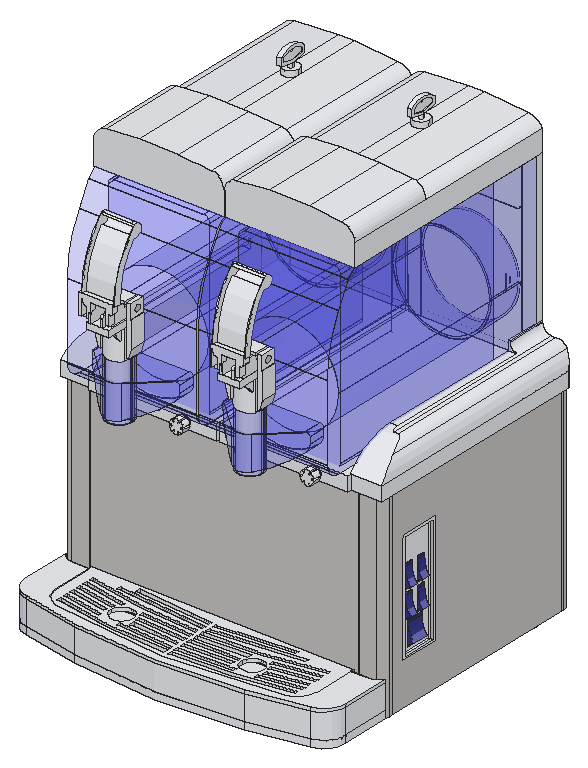
Revit family "QF_ELECTROLUXPROFESSIONAL_560107_SP2NewUVUK", category Specialty Equipment, Revit 2018 (continued)
Lines and regions (mm)
  symbolic lines
    curve 11: arc (-117.634, -221.255, 14) -> (0, -230, 14) -> (117.634, -221.255, 14) r 795.559
    curve 12: line (2.783, -161.117, 14) -> (2.783, -167.117, 14)
    curve 13: line (2.783, -172.117, 14) -> (2.783, -178.117, 14)
    curve 14: line (2.783, -183.117, 14) -> (2.783, -189.117, 14)
    curve 15: line (2.783, -194.117, 14) -> (2.783, -200.117, 14)
    curve 16: line (2.783, -205.117, 14) -> (2.783, -211.117, 14)
    curve 17: arc (2.783, -211.117, 14) -> (35.925, -210.286, 14) -> (69, -208.033, 14) r 772.106
    curve 18: arc (164.485, -187.256, 14) -> (137.825, -192.623, 14) -> (110.991, -197.04, 14) r 766.106
    curve 19: arc (2.783, -200.117, 14) -> (35.926, -199.274, 14) -> (69, -196.988, 14) r 761.106
    curve 20: arc (69, -190.963, 14) -> (35.926, -193.267, 14) -> (2.783, -194.117, 14) r 755.106
    curve 21: arc (2.783, -189.117, 14) -> (35.228, -188.295, 14) -> (67.608, -186.069, 14) r 750.106
    curve 22: arc (62.063, -180.53, 14) -> (32.449, -182.414, 14) -> (2.783, -183.117, 14) r 744.106
    curve 23: arc (2.783, -178.117, 14) -> (30.123, -177.508, 14) -> (57.422, -175.888, 14) r 739.106
    curve 24: arc (51.822, -170.288, 14) -> (27.318, -171.613, 14) -> (2.783, -172.117, 14) r 733.106
    curve 25: arc (2.783, -167.117, 14) -> (24.968, -166.694, 14) -> (47.129, -165.595, 14) r 728.106
    curve 26: arc (41.464, -159.931, 14) -> (22.132, -160.783, 14) -> (2.783, -161.117, 14) r 722.106
    curve 27: arc (2.783, -156.117, 14) -> (19.755, -155.85, 14) -> (36.715, -155.182, 14) r 717.106
    curve 28: line (164.485, -193.398, 14) -> (164.485, -187.256, 14)
    curve 29: line (164.485, -182.136, 14) -> (164.485, -175.99, 14)
    curve 30: line (164.485, -170.866, 14) -> (164.485, -164.715, 14)
    curve 31: line (164.485, -159.587, 14) -> (164.485, -153.432, 14)
    curve 32: arc (164.485, -153.432, 14) -> (152.163, -156.157, 14) -> (139.797, -158.67, 14) r 733.106
    curve 33: arc (164.485, -164.715, 14) -> (145.534, -168.752, 14) -> (126.484, -172.294, 14) r 744.106
    curve 34: arc (164.485, -175.99, 14) -> (138.736, -181.268, 14) -> (112.82, -185.647, 14) r 755.106
    curve 35: arc (132.277, -166.189, 14) -> (148.418, -163.067, 14) -> (164.485, -159.587, 14) r 739.106
    curve 36: arc (118.814, -179.653, 14) -> (141.717, -175.613, 14) -> (164.485, -170.866, 14) r 750.106
    curve 37: arc (111, -191.985, 14) -> (137.83, -187.538, 14) -> (164.485, -182.136, 14) r 761.106
    curve 38: arc (69, -202.009, 14) -> (35.925, -204.28, 14) -> (2.783, -205.117, 14) r 766.106
    curve 39: arc (111.004, -203.101, 14) -> (137.83, -198.721, 14) -> (164.485, -193.398, 14) r 772.106
    curve 40: line (97.267, -160.486, 14) -> (97.267, -153, 14)
    curve 41: line (82.733, -160.486, 14) -> (82.733, -153, 14)
    curve 42: arc (105.17, -170.997, 14) -> (90.017, -158.677, 14) -> (74.837, -170.964, 14) r 15.5
    curve 43: line (-7, -121.793, 14) -> (9.534, -121.793, 14)
    curve 44: line (-7, -137.647, 14) -> (9.534, -137.647, 14)
    curve 45: line (2.783, -161.117, 14) -> (2.783, -113, 14)
    curve 46: line (-180.657, -118, 14) -> (-180.657, -174.118, 14)
    curve 47: arc (-180.657, -174.118, 14) -> (-173.912, -193.071, 14) -> (-156.71, -203.501, 14) r 30
    curve 48: line (-2.783, -161.117, 14) -> (-2.783, -167.117, 14)
    curve 49: line (-2.783, -172.117, 14) -> (-2.783, -178.117, 14)
    curve 50: line (-2.783, -183.117, 14) -> (-2.783, -189.117, 14)
    curve 51: line (-2.783, -194.117, 14) -> (-2.783, -200.117, 14)
    curve 52: line (-2.783, -205.117, 14) -> (-2.783, -211.117, 14)
    curve 53: arc (-2.783, -211.117, 14) -> (-35.925, -210.286, 14) -> (-69, -208.033, 14) r 772.106
    curve 54: arc (-164.485, -187.256, 14) -> (-137.825, -192.623, 14) -> (-110.991, -197.04, 14) r 766.106
    curve 55: arc (-2.783, -200.117, 14) -> (-35.926, -199.274, 14) -> (-69, -196.988, 14) r 761.106
    curve 56: arc (-69, -190.963, 14) -> (-35.926, -193.267, 14) -> (-2.783, -194.117, 14) r 755.106
    curve 57: arc (-2.783, -189.117, 14) -> (-35.307, -188.291, 14) -> (-67.764, -186.055, 14) r 750.106
    curve 58: arc (-62.01, -180.534, 14) -> (-32.422, -182.416, 14) -> (-2.783, -183.117, 14) r 744.106
    curve 59: arc (-2.783, -178.117, 14) -> (-30.21, -177.505, 14) -> (-57.595, -175.875, 14) r 739.106
    curve 60: arc (-51.822, -170.288, 14) -> (-27.318, -171.613, 14) -> (-2.783, -172.117, 14) r 733.106
    curve 61: arc (-2.783, -167.117, 14) -> (-24.922, -166.696, 14) -> (-47.037, -165.601, 14) r 728.106
    curve 62: arc (-41.44, -159.932, 14) -> (-22.12, -160.783, 14) -> (-2.783, -161.117, 14) r 722.106
    curve 63: arc (-2.783, -156.117, 14) -> (-19.759, -155.85, 14) -> (-36.723, -155.181, 14) r 717.106
    curve 64: line (-164.485, -193.398, 14) -> (-164.485, -187.256, 14)
    curve 65: line (-164.485, -182.136, 14) -> (-164.485, -175.99, 14)
    curve 66: line (-164.485, -170.866, 14) -> (-164.485, -164.715, 14)
    curve 67: line (-164.485, -159.587, 14) -> (-164.485, -153.432, 14)
    curve 68: arc (-164.485, -153.432, 14) -> (-152.209, -156.147, 14) -> (-139.888, -158.652, 14) r 733.106
    curve 69: arc (-164.485, -164.715, 14) -> (-145.359, -168.786, 14) -> (-126.134, -172.354, 14) r 744.106
    curve 70: arc (-164.485, -175.99, 14) -> (-138.838, -181.249, 14) -> (-113.024, -185.616, 14) r 755.106
    curve 71: arc (-132.258, -166.193, 14) -> (-148.408, -163.069, 14) -> (-164.485, -159.587, 14) r 739.106
    curve 72: arc (-118.936, -179.633, 14) -> (-141.778, -175.602, 14) -> (-164.485, -170.866, 14) r 750.106
    curve 73: arc (-111.098, -191.97, 14) -> (-137.879, -187.529, 14) -> (-164.485, -182.136, 14) r 761.106
    curve 74: arc (-69, -202.009, 14) -> (-35.925, -204.28, 14) -> (-2.783, -205.117, 14) r 766.106
    curve 75: arc (-111.004, -203.101, 14) -> (-137.83, -198.721, 14) -> (-164.485, -193.398, 14) r 772.106
    curve 76: line (-97.267, -160.486, 14) -> (-97.267, -153, 14)
    curve 77: line (-82.733, -160.486, 14) -> (-82.733, -153, 14)
    curve 78: arc (-105.172, -171.007, 14) -> (-90.045, -158.677, 14) -> (-74.846, -170.919, 14) r 15.5
    curve 79: line (-2.783, -161.117, 14) -> (-2.783, -113, 14)
    curve 80: arc (73.294, -216.009, 14) -> (0.004, -219.475, 14) -> (-73.287, -216.01, 14) r 776.665
    curve 81: arc (-111.031, -211.498, 14) -> (-133.93, -207.84, 14) -> (-156.71, -203.501, 14) r 776.665
Dimensions and locks
  plane 4 "FEET" to level = 14 mm
  plane 6 "LEFT" to plane 3 "Center (Left/Right)" to plane 7 "RIGHT" = 223.5 mm, 223.5 mm
  locked: plane 6 "LEFT" to plane 7 "RIGHT" at 447
  plane 7 "RIGHT" to plane 6 "LEFT" = 447 mm
  plane 5 "BACK" to plane 12 "FRONT" = 442 mm
  aligned and locked: level to plane 2 "BASE"
Nested families
  nested 1: "SP2_Vasca_L" at (-89.477, 0, 0), type "SP2_Vasca_L"
  nested 2: "SP2_Vasca_R" at (90.523, 0, 0), type "SP2_Vasca_R"
Connectors
  electrical at (-176.5, -31, 4)
    settings: on Extrusion 9, index 1, voltage 0 V, apparent load 0 VA, apparent load phase1 0 VA, apparent load phase2 0 VA, apparent load phase3 0 VA, power factor 1, load classification "Other", number of poles 1, system type 30, power factor state 1, is connector primary yes, connector utility no, sub classification motor no, connector description "Electrical connection"
  electrical at (-176.5, -31, 4)
    settings: on Extrusion 9, index 2, voltage 0 V, apparent load 0 VA, apparent load phase1 0 VA, apparent load phase2 0 VA, apparent load phase3 0 VA, power factor 1, load classification "Other", number of poles 1, system type 30, power factor state 1, is connector primary no, connector utility no, sub classification motor no, connector description ""
Definition of nested family "SP2_Vasca_L"
  Parameters (values of type "SP2_Vasca_L")
    Weight = 28.00 kg
    Watts = 32.5161 W
    Volts = 230 V
    URL Manufacturer = "http://professional.electrolux.com"
    URL = "http://professional.electrolux.com"
    Steam Supply Size = 0 mm
    Steam Supply Minimum Pressure = 0.0 Pa
    Steam Supply Maximum Pressure = 0.0 Pa
    Steam Pounds per Hour = 0
    Refrigeration Suction Line Size = 0 mm
    Refrigeration Liquid Line Size = 0 mm
    Refrigerant Compressor Remote = yes
    Phase = 1
    Model = "SP1ITNK"
    Manufacturer = "Electrolux"
    Length Actual = 262 mm  # constant formula
    Item Number = "560011"
    Hot Water Size = 0 mm
    Height Actual = 612 mm  # constant formula
    HP = "0.5 HP"
    Gas Size = 0 mm
    Gas KW = 0
    Gas Input Pressure = 0 W
    Description = "1X5 LT BOWL - FROZEN GRANITA AND FROZEN CREAM DISPENSER - 1 INSULATED BOWL - WHITE"
    Depth Actual = 427 mm  # constant formula
    Cycle = 50 Hz
    Condensate Return Size = 0 mm
    Compressed Air Volume = 0.0 L/s
    Compressed Air Size = 0 mm
    Compressed Air Pressure = 0.0 Pa
    Cold Water Size = 0 mm
    Accessory = yes
  Reference planes
    plane 1 "Center (Front/Back)": y = 0
    plane 2 "BASE": z = 0
    plane 3 "Center (Left/Right)": x = 0
    plane 4 "FEET": z = 14
    plane 5 "BACK": y = 212
    plane 6 "LEFT": x = -134.023
    plane 7 "RIGHT": x = 134
    plane 8: y = 169
    plane 9: y = -118.5
    plane 10 "Erogatore": through (0, -232.305, 334.252) normal (0, -0.5736, 0.8192)
    plane 11: y = -81
    plane 12 "BackButton": z = 362.798
    plane 13 "SlopeBack": through (0, 294.5, 470.764) normal (0, 0.9659, 0.2588)
    plane 14 "TOP": z = 640
    plane 15 "FRONT": y = -216
  Forms (mm)
    Extrusion 1, solid
      sketch origin (0, 212, 0) x (-1, 0, 0) y (0, 0, 1)
        loop
          circle (0, 394.542) r 65
        loop
          circle (0, 394.542) r 68
      from -59.276 to -10
    Extrusion 2, solid
      sketch origin (0.189, -212, -123.048) x (-1, 0, 0) y (0, 0, 1)
        loop
          line (41.631, 426.74) -> (42.799, 423.85)
          arc (42.799, 423.85) -> (41.998, 423.46) -> (41.26, 422.962) r 6.382
          line (41.26, 422.962) -> (39.342, 425.418)
          arc (39.342, 425.418) -> (36.964, 422.682) -> (35.784, 419.255) r 9.498
          line (35.784, 419.255) -> (38.87, 418.821)
          arc (38.87, 418.821) -> (38.808, 417.933) -> (38.87, 417.045) r 6.382
          line (38.87, 417.045) -> (35.784, 416.611)
          arc (35.784, 416.611) -> (36.964, 413.184) -> (39.342, 410.449) r 9.498
          line (39.342, 410.449) -> (41.26, 412.904)
          arc (41.26, 412.904) -> (41.998, 412.406) -> (42.799, 412.016) r 6.382
          line (42.799, 412.016) -> (41.631, 409.127)
          arc (41.631, 409.127) -> (45.189, 408.435) -> (48.747, 409.127) r 9.498
          line (48.747, 409.127) -> (47.58, 412.016)
          arc (47.58, 412.016) -> (48.38, 412.406) -> (49.118, 412.904) r 6.382
          line (49.118, 412.904) -> (51.037, 410.449)
          arc (51.037, 410.449) -> (53.415, 413.184) -> (54.595, 416.611) r 9.498
          line (54.595, 416.611) -> (51.509, 417.045)
          arc (51.509, 417.045) -> (51.571, 417.933) -> (51.509, 418.821) r 6.382
          line (51.509, 418.821) -> (54.595, 419.255)
          arc (54.595, 419.255) -> (53.415, 422.682) -> (51.037, 425.418) r 9.498
          line (51.037, 425.418) -> (49.118, 422.962)
          arc (49.118, 422.962) -> (48.38, 423.46) -> (47.58, 423.85) r 6.382
          line (47.58, 423.85) -> (48.747, 426.74)
          arc (48.747, 426.74) -> (45.189, 427.431) -> (41.631, 426.74) r 9.498
      from 74.796 to 85.6
    Extrusion 3, solid
      sketch origin (0, 48.357, 801) x (-1, 0, 0) y (0, -1, 0)
        loop
          circle (0, 226.958) r 15.5
      from -371.98 to -493
    Extrusion 4, solid
      sketch origin (0, 48.357, 801) x (-1, 0, 0) y (0, -1, 0)
        loop
          circle (0, 226.958) r 18
        loop
          circle (0, 226.958) r 16
      from -413.102 to -493
    Extrusion 5, solid
      sketch origin (0, 48.357, 801) x (-1, 0, 0) y (0, -1, 0)
        loop
          arc (-15.227, 216.452) -> (0, 208.458) -> (15.227, 216.452) r 18.5
          line (15.227, 216.452) -> (15.227, 237.464)
          arc (15.227, 237.464) -> (0, 245.458) -> (-15.227, 237.464) r 18.5
          line (-15.227, 237.464) -> (-15.227, 216.452)
      from -371.98 to -413.102
    Extrusion 6, solid
      sketch origin (0, 55.382, 805.556) x (-1, 0, 0) y (0, -1, 0)
        loop
          line (15.227, 271.382) -> (-15.227, 271.382) -> (-15.227, 213.658) -> (15.227, 213.658) -> (15.227, 271.382)
      from -368.017 to -376.536
    Extrusion 7, solid
      sketch origin (0, 53.382, -125.444) x (0, 1, 0) y (0, 0, 1)
        loop
          line (-261.382, 594.51) -> (-261.382, 596.294)
          arc (-261.382, 596.294) -> (-255.05, 633.384) -> (-236.771, 666.272) r 111.793
          arc (-236.771, 666.272) -> (-224.219, 671.737) -> (-234.339, 680.956) r 8.155
          arc (-234.339, 680.956) -> (-260.275, 642.108) -> (-269.382, 596.294) r 119.793
          line (-269.382, 596.294) -> (-269.382, 594.51) -> (-261.382, 594.51)
      from 23.02 to -23.02
    Extrusion 8, void
      sketch origin (0, -212, -130.102) x (-1, 0, 0) y (0, 0, 1)
        loop
          line (-23.02, 594.51) -> (-23.02, 567.641) -> (-15.227, 567.641) -> (-15.227, 586.659)
          arc (-15.227, 586.659) -> (-20.449, 589.269) -> (-23.02, 594.51) r 9.122
        loop
          arc (23.02, 594.51) -> (20.449, 589.269) -> (15.227, 586.659) r 9.122
          line (15.227, 586.659) -> (15.227, 567.641) -> (23.02, 567.641) -> (23.02, 594.51)
        loop
          line (-10.018, 592.641) -> (-10.018, 567.641) -> (9.982, 567.641) -> (9.982, 592.641) -> (-10.018, 592.641)
      from 4 to -4
    Extrusion 9, void
      sketch origin (0, 53.382, -125.444) x (0, 1, 0) y (0, 0, 1)
        loop
          arc (-238.506, 676.569) -> (-261.397, 639.298) -> (-269.382, 596.294) r 119.793
          line (-269.382, 596.294) -> (-262.382, 596.294)
          arc (-262.382, 596.294) -> (-255.831, 634.173) -> (-236.94, 667.653) r 112.793
          arc (-236.94, 667.653) -> (-225.218, 674.307) -> (-238.506, 676.569) r 7.155
      from 22 to -22
    Extrusion 10, solid
      sketch origin (-134.023, 53.382, -125.444) x (0, 1, 0) y (0, 0, 1)
        loop
          line (-261.382, 596.294) -> (-269.382, 596.294) -> (-269.382, 567.641) -> (-261.382, 567.641) -> (-261.382, 596.294)
      from 154.02 to 107.98
    Extrusion 11, solid
      sketch origin (-134.023, 55.382, -130.102) x (0, 1, 0) y (0, 0, 1)
        loop
          line (-263.382, 567.641) -> (-223.382, 567.641) -> (-223.382, 587.641) -> (-256.513, 587.641)
          arc (-256.513, 587.641) -> (-261.37, 589.653) -> (-263.382, 594.51) r 6.869
          line (-263.382, 594.51) -> (-263.382, 567.641)
      from 115.773 to 107.98
    Extrusion 12, solid
      sketch origin (-134.023, 55.382, -130.102) x (0, 1, 0) y (0, 0, 1)
        loop
          line (-263.382, 567.641) -> (-224.483, 567.641) -> (-224.483, 587.641) -> (-256.513, 587.641)
          arc (-256.513, 587.641) -> (-261.37, 589.653) -> (-263.382, 594.51) r 6.869
          line (-263.382, 594.51) -> (-263.382, 567.641)
      from 115.773 to 121.018
    Extrusion 13, solid
      sketch origin (-134.023, 55.382, -125.444) x (0, 1, 0) y (0, 0, 1)
        loop
          line (-248.575, 539.464) -> (-246.902, 539.464) -> (-246.902, 554.464) -> (-261.615, 554.464) -> (-248.575, 539.464)
      from 115.773 to 118.85
    Extrusion 14, solid
      sketch origin (-134.023, 55.382, -125.444) x (0, 1, 0) y (0, 0, 1)
        loop
          line (-246.902, 554.464) -> (-261.615, 554.464) -> (-248.575, 539.464) -> (-246.902, 539.464) -> (-246.902, 554.464)
      from 143.221 to 146.227
    Extrusion 15, solid
      sketch origin (-134.023, 55.382, -125.444) x (0, 1, 0) y (0, 0, 1)
        loop
          line (-263.382, 562.983) -> (-224.483, 562.983) -> (-224.483, 582.983) -> (-256.513, 582.983)
          arc (-256.513, 582.983) -> (-261.37, 584.995) -> (-263.382, 589.852) r 6.869
          line (-263.382, 589.852) -> (-263.382, 562.983)
      from 141.018 to 146.227
    Extrusion 16, solid
      sketch origin (-134.023, 53.382, -130.102) x (0, 1, 0) y (0, 0, 1)
        loop
          line (-269.382, 567.641) -> (-221.382, 567.641) -> (-221.382, 586.659) -> (-258.382, 586.659)
          arc (-258.382, 586.659) -> (-260.503, 585.78) -> (-261.382, 583.659) r 3
          line (-261.382, 583.659) -> (-261.382, 582.15) -> (-266.382, 582.15)
          arc (-266.382, 582.15) -> (-268.503, 581.271) -> (-269.382, 579.15) r 3
          line (-269.382, 579.15) -> (-269.382, 567.641)
      from 124.546 to 121.018
    Extrusion 17, solid
      sketch origin (-134.023, 65.803, -125.444) x (0, 1, 0) y (0, 0, 1)
        loop
          line (-281.803, 562.983) -> (-234.904, 562.983) -> (-234.904, 582.001) -> (-270.803, 582.001)
          arc (-270.803, 582.001) -> (-272.924, 581.122) -> (-273.803, 579.001) r 3
          line (-273.803, 579.001) -> (-273.803, 577.492) -> (-278.803, 577.492)
          arc (-278.803, 577.492) -> (-280.924, 576.613) -> (-281.803, 574.492) r 3
          line (-281.803, 574.492) -> (-281.803, 562.983)
      from 137.49 to 141.018
    Extrusion 18, solid
      sketch origin (0, -212, -125.444) x (-1, 0, 0) y (0, 0, 1)
        loop
          line (-18, 517.898) -> (-18, 586.659) -> (-23.482, 586.659) -> (-23.482, 567.641) -> (-24.969, 567.641) -> (-24.969, 530.88) -> (-21, 517.898) -> (-18, 517.898)
        loop
          line (18, 517.898) -> (21, 517.898) -> (24.969, 530.88) -> (24.969, 567.641) -> (23.482, 567.641) -> (23.482, 586.659) -> (18, 586.659) -> (18, 517.898)
      from 43.905 to 22.893
    Extrusion 19, solid
      sketch origin (0, 65.803, 805.556) x (-1, 0, 0) y (0, -1, 0)
        loop
          line (-15.227, 254.91) -> (-15.227, 233.898) -> (15.227, 233.898) -> (15.227, 254.91) -> (-15.227, 254.91)
      from -344.341 to -348.017
    Extrusion 20, void
      sketch origin (0, 56.778, -130) x (0, 1, 0) y (0, 0, 1)
        loop
          circle (-234.353, 582.005) r 3.978
      from 24.969 to -24.969
    Extrusion 21, solid
      sketch origin (0, 56.226, -130) x (0, 1, 0) y (0, 0, 1)
        loop
          circle (-234.353, 582.005) r 3.978
      from 24 to -24
    Extrusion 22, void
      sketch origin (-27, 240.916, -119) x (0, 0, 1) y (-1, 0, 0)
        loop
          line (496.312, -81.169) -> (519.521, -81.169)
          arc (519.521, -81.169) -> (523.021, -77.669) -> (519.521, -74.169) r 3.5
          line (519.521, -74.169) -> (496.312, -74.169)
          arc (496.312, -74.169) -> (492.812, -77.669) -> (496.312, -81.169) r 3.5
      from 28.916 to 38.079
    Extrusion 23, solid
      sketch origin (-27, 240.916, -119) x (0, 0, 1) y (-1, 0, 0)
        loop
          line (507.945, -79.669) -> (517.521, -79.669) -> (517.521, -75.669) -> (507.945, -75.669) -> (507.945, -79.669)
      from 32.664 to 38.079
    Extrusion 24, void
      sketch origin (0, 0, 0) x (0, 1, 0) y (0, 0, 1)
        loop
          line (157, 351) -> (-115.977, 351) -> (-115.977, 306)
          arc (-115.977, 306) -> (-85.566, 329.6) -> (-48, 338) r 88.201
          line (-48, 338) -> (157, 338) -> (157, 351)
      from -135 to 135
    Extrusion 25, solid
      sketch origin (0, 212, 0) x (-1, 0, 0) y (0, 0, 1)
        loop
          circle (0, 394.542) r 68
        loop
          line (69.972, 309) -> (69.972, 543)
          arc (69.972, 543) -> (67.629, 548.657) -> (61.972, 551) r 8
          line (61.972, 551) -> (-62.028, 551)
          arc (-62.028, 551) -> (-67.685, 548.657) -> (-70.028, 543) r 8
          line (-70.028, 543) -> (-70.028, 308.956)
          arc (-70.028, 308.956) -> (-67.698, 303.33) -> (-62.072, 301) r 7.956
          line (-62.072, 301) -> (61.972, 301)
          arc (61.972, 301) -> (67.629, 303.343) -> (69.972, 309) r 8
      from -59.276 to -322.829
    Extrusion 26, solid
      sketch origin (0, 212, 0) x (-1, 0, 0) y (0, 0, 1)
        loop
          line (90.028, 558.048) -> (90.028, 589.456)
          arc (90.028, 589.456) -> (84.981, 602.738) -> (72.387, 609.316) r 20
          arc (72.387, 609.316) -> (49.793, 611.577) -> (27.131, 613) r 613.713
          line (27.131, 613) -> (-27.131, 613)
          arc (-27.131, 613) -> (-49.793, 611.577) -> (-72.387, 609.316) r 613.713
          arc (-72.387, 609.316) -> (-84.981, 602.738) -> (-90.028, 589.456) r 20
          line (-90.028, 589.456) -> (-90.028, 558.048) -> (90.028, 558.048)
      from 0 to -322.829
    Extrusion 27, solid
      sketch origin (0, -212, 0) x (-1, 0, 0) y (0, 0, 1)
        loop
          line (88, 306) -> (-88, 306) -> (-88, 286) -> (88, 286) -> (88, 306)
      from 90.501 to 414
    Extrusion 28, solid
      sketch origin (-0.189, -212, -123.048) x (1, 0, 0) y (0, 0, -1)
        loop
          arc (41.631, -426.74) -> (45.189, -427.431) -> (48.747, -426.74) r 9.498
          line (48.747, -426.74) -> (47.58, -423.85)
          arc (47.58, -423.85) -> (48.38, -423.46) -> (49.118, -422.962) r 6.382
          line (49.118, -422.962) -> (51.037, -425.418)
          arc (51.037, -425.418) -> (53.415, -422.682) -> (54.595, -419.255) r 9.498
          line (54.595, -419.255) -> (51.509, -418.821)
          arc (51.509, -418.821) -> (51.571, -417.933) -> (51.509, -417.045) r 6.382
          line (51.509, -417.045) -> (54.595, -416.611)
          arc (54.595, -416.611) -> (53.415, -413.184) -> (51.037, -410.449) r 9.498
          line (51.037, -410.449) -> (49.118, -412.904)
          arc (49.118, -412.904) -> (48.38, -412.406) -> (47.58, -412.016) r 6.382
          line (47.58, -412.016) -> (48.747, -409.127)
          arc (48.747, -409.127) -> (45.189, -408.435) -> (41.631, -409.127) r 9.498
          line (41.631, -409.127) -> (42.799, -412.016)
          arc (42.799, -412.016) -> (41.998, -412.406) -> (41.26, -412.904) r 6.382
          line (41.26, -412.904) -> (39.342, -410.449)
          arc (39.342, -410.449) -> (36.964, -413.184) -> (35.784, -416.611) r 9.498
          line (35.784, -416.611) -> (38.87, -417.045)
          arc (38.87, -417.045) -> (38.808, -417.933) -> (38.87, -418.821) r 6.382
          line (38.87, -418.821) -> (35.784, -419.255)
          arc (35.784, -419.255) -> (36.964, -422.682) -> (39.342, -425.418) r 9.498
          line (39.342, -425.418) -> (41.26, -422.962)
          arc (41.26, -422.962) -> (41.998, -423.46) -> (42.799, -423.85) r 6.382
          line (42.799, -423.85) -> (41.631, -426.74)
      from 74.796 to 85.6
    Extrusion 29, solid
      sketch origin (-134.023, 55.382, -125.444) x (0, 1, 0) y (0, 0, 1)
        loop
          line (-261.615, 554.464) -> (-248.575, 539.464) -> (-246.902, 539.464) -> (-246.902, 554.464) -> (-261.615, 554.464)
      from 143.221 to 146.227
    Extrusion 30, void
      sketch origin (0, 0, 14) x (-1, 0, 0) y (0, -1, 0)
        loop
          line (68.799, 141.983) -> (68.799, 216) -> (-68.799, 216) -> (-68.799, 141.983) -> (-14.053, 193.527)
          arc (-14.053, 193.527) -> (0, 199.101) -> (14.053, 193.527) r 20.5
          line (14.053, 193.527) -> (68.799, 141.983)
      from 285.914 to 353.792
    Extrusion 31, solid
      sketch origin (0, -212, 0) x (-1, 0, 0) y (0, 0, 1)
        loop
          line (55, 361.368) -> (-55, 361.368)
          arc (-55, 361.368) -> (-58.536, 359.903) -> (-60, 356.368) r 5
          line (-60, 356.368) -> (-60, 346.588)
          arc (-60, 346.588) -> (-58.765, 340.628) -> (-55.264, 335.649) r 15
          arc (-55.264, 335.649) -> (0, 313.78) -> (55.264, 335.649) r 80.762
          arc (55.264, 335.649) -> (58.765, 340.628) -> (60, 346.588) r 15
          line (60, 346.588) -> (60, 356.368)
          arc (60, 356.368) -> (58.536, 359.903) -> (55, 361.368) r 5
      from 85.6 to 6.421
    Extrusion 32, solid
      sketch origin (0.031, 16.704, -263) x (0, 1, 0) y (0, 0, 1)
        loop
          line (99.092, 881.377) -> (118.655, 885.535) -> (118.655, 895.535)
          arc (118.655, 895.535) -> (99.092, 903) -> (79.529, 895.535) r 29.367
          line (79.529, 895.535) -> (79.529, 885.535) -> (99.092, 881.377)
        loop
          arc (115.655, 894.149) -> (99.092, 900) -> (82.529, 894.149) r 26.367
          line (82.529, 894.149) -> (82.529, 887.965) -> (99.092, 884.444) -> (115.655, 887.965) -> (115.655, 894.149)
      from -3 to 3
    Extrusion 33, solid
      sketch origin (0.031, 16.704, -263) x (0, 1, 0) y (0, 0, 1)
        loop
          line (115.655, 887.965) -> (115.655, 894.149)
          arc (115.655, 894.149) -> (99.092, 900) -> (82.529, 894.149) r 26.367
          line (82.529, 894.149) -> (82.529, 887.965) -> (99.092, 884.444) -> (115.655, 887.965)
        loop
          circle (99.092, 896.274) r 2.509
      from 1 to -1
    Extrusion 34, solid
      sketch origin (0.031, 16.704, 667) x (-1, 0, 0) y (0, -1, 0)
        loop
          circle (0, -99.092) r 3
      from -45.737 to -54
    Extrusion 35, solid
      sketch origin (0, -70, 0) x (1, 0, 0) y (0, 1, 0)
        loop
          circle (0.031, 185.796) r 11
      from 606 to 613
    Extrusion 36, solid
      sketch origin (0, 0, 0) x (0, 1, 0) y (0, 0, 1)
        loop
          arc (-158.276, 334.912) -> (-152.418, 320.769) -> (-138.276, 314.912) r 20
          line (-138.276, 314.912) -> (202, 314.912) -> (202, 558.048) -> (-103.948, 558.048)
          arc (-103.948, 558.048) -> (-114.098, 555.281) -> (-121.44, 547.744) r 20
          line (-121.44, 547.744) -> (-138.215, 517.481)
          arc (-138.215, 517.481) -> (-153.18, 479.972) -> (-158.276, 439.912) r 160
          line (-158.276, 439.912) -> (-158.276, 334.912)
      from -88 to 90.028
    Extrusion 37, void
      sketch origin (0, 212, 0) x (-1, 0, 0) y (0, 0, 1)
        loop
          line (90.028, 588.856) -> (96.254, 588.856) -> (96.254, 613.856) -> (-100.028, 613.856) -> (-100.028, 588.856) -> (-90.028, 588.856)
          arc (-90.028, 588.856) -> (-82.37, 597.635) -> (-71.481, 601.774) r 24
          arc (-71.481, 601.774) -> (-41.299, 604.942) -> (-10.969, 606) r 435.39
          line (-10.969, 606) -> (10.969, 606)
          arc (10.969, 606) -> (41.299, 604.942) -> (71.481, 601.774) r 435.39
          arc (71.481, 601.774) -> (82.37, 597.635) -> (90.028, 588.856) r 24
      from 0 to -201.493
    Extrusion 38, solid
      sketch origin (0, 212, 0) x (-1, 0, 0) y (0, 0, 1)
        loop
          line (-90.028, 558.048) -> (-90.028, 286) -> (88, 286) -> (88, 558.048) -> (-90.028, 558.048)
        loop
          arc (61.972, 301) -> (67.629, 303.343) -> (69.972, 309) r 8
          line (69.972, 309) -> (69.972, 543)
          arc (69.972, 543) -> (67.629, 548.657) -> (61.972, 551) r 8
          line (61.972, 551) -> (-62.028, 551)
          arc (-62.028, 551) -> (-67.685, 548.657) -> (-70.028, 543) r 8
          line (-70.028, 543) -> (-70.028, 308.956)
          arc (-70.028, 308.956) -> (-67.698, 303.33) -> (-62.072, 301) r 7.956
          line (-62.072, 301) -> (61.972, 301)
      from 0 to -10
    Extrusion 39, solid
      sketch origin (0, 212, 0) x (-1, 0, 0) y (0, 0, 1)
        loop
          arc (-70.028, 308.956) -> (-67.698, 303.33) -> (-62.072, 301) r 7.956
          line (-62.072, 301) -> (61.972, 301)
          arc (61.972, 301) -> (67.629, 303.343) -> (69.972, 309) r 8
          line (69.972, 309) -> (69.972, 493.849)
          arc (69.972, 493.849) -> (67.629, 488.193) -> (61.972, 485.849) r 8
          line (61.972, 485.849) -> (-62.028, 485.849)
          arc (-62.028, 485.849) -> (-67.685, 488.193) -> (-70.028, 493.849) r 8
          line (-70.028, 493.849) -> (-70.028, 308.956)
      from 0 to -10
    Extrusion 40, solid
      sketch origin (0, 212, 0) x (-1, 0, 0) y (0, 0, 1)
        loop
          line (-70.028, 543) -> (-70.028, 493.849)
          arc (-70.028, 493.849) -> (-67.685, 488.193) -> (-62.028, 485.849) r 8
          line (-62.028, 485.849) -> (61.972, 485.849)
          arc (61.972, 485.849) -> (67.629, 488.193) -> (69.972, 493.849) r 8
          line (69.972, 493.849) -> (69.972, 543)
          arc (69.972, 543) -> (67.629, 548.657) -> (61.972, 551) r 8
          line (61.972, 551) -> (-62.028, 551)
          arc (-62.028, 551) -> (-67.685, 548.657) -> (-70.028, 543) r 8
      from 0 to -10
    Extrusion 41, void
      sketch origin (0, 212, 0) x (-1, 0, 0) y (0, 0, 1)
        loop
          arc (-74.482, 439.575) -> (-77.31, 438.403) -> (-78.482, 435.575) r 4
          line (-78.482, 435.575) -> (-78.482, 426.169)
          arc (-78.482, 426.169) -> (-77.31, 423.34) -> (-74.482, 422.169) r 4
          line (-74.482, 422.169) -> (-42.482, 422.169)
          arc (-42.482, 422.169) -> (-39.653, 423.34) -> (-38.482, 426.169) r 4
          line (-38.482, 426.169) -> (-38.482, 435.575)
          arc (-38.482, 435.575) -> (-39.653, 438.403) -> (-42.482, 439.575) r 4
          line (-42.482, 439.575) -> (-74.482, 439.575)
      from 0 to -2
    Extrusion 42, solid
      sketch origin (0, 212, 0) x (-1, 0, 0) y (0, 0, 1)
        loop
          arc (-74.482, 438.575) -> (-76.603, 437.696) -> (-77.482, 435.575) r 3
          line (-77.482, 435.575) -> (-77.482, 426.169)
          arc (-77.482, 426.169) -> (-76.603, 424.047) -> (-74.482, 423.169) r 3
          line (-74.482, 423.169) -> (-42.482, 423.169)
          arc (-42.482, 423.169) -> (-40.36, 424.047) -> (-39.482, 426.169) r 3
          line (-39.482, 426.169) -> (-39.482, 435.575)
          arc (-39.482, 435.575) -> (-40.36, 437.696) -> (-42.482, 438.575) r 3
          line (-42.482, 438.575) -> (-74.482, 438.575)
      from 0 to -2
    Extrusion 43, void
      sketch origin (0, 212, 0) x (-1, 0, 0) y (0, 0, 1)
        loop
          line (88, 350.533) -> (86, 350.533) -> (86, 286) -> (88, 286) -> (88, 350.533)
      from 0 to -10
    Extrusion 44, solid
      sketch origin (0.189, -212, -123.048) x (-1, 0, 0) y (0, 0, 1)
        loop
          circle (45.189, 417.933) r 6.382
      from 90.501 to 85.6
    Extrusion 45, solid
      sketch origin (-0.189, -212, -123.048) x (1, 0, 0) y (0, 0, -1)
        loop
          circle (45.189, -417.933) r 6.382
      from 85.6 to 90.501
    Extrusion 46, solid
      sketch origin (0, 212, 0) x (1, 0, 0) y (0, 0, -1)
        loop
          line (-88, -286) -> (-131, -286) -> (-131, -306)
          arc (-131, -306) -> (-129.118, -317.88) -> (-123.658, -328.597) r 38.445
          arc (-123.658, -328.597) -> (-117.695, -334.961) -> (-109.296, -337.309) r 16.194
          line (-109.296, -337.309) -> (-102.317, -337.309)
          arc (-102.317, -337.309) -> (-93.627, -340.909) -> (-90.028, -349.598) r 12.289
          line (-90.028, -349.598) -> (-90.028, -351) -> (-88, -351) -> (-88, -286)
      from 0 to -327.977
    Extrusion 47, void
      sketch origin (89.477, 0, 0) x (-1, 0, 0) y (0, -1, 0)
        loop
          line (210.523, -212) -> (223.5, -212) -> (223.5, -199.023)
          arc (223.5, -199.023) -> (219.699, -208.199) -> (210.523, -212) r 12.977
      from 338 to 286
  Cuts and joins
    Extrusion 8 cuts Extrusion 6
    Extrusion 8, Extrusion 9 cuts Extrusion 7
    Extrusion 8 cuts Extrusion 10
    joined: Extrusion 7, Extrusion 10, Extrusion 11
    joined: Extrusion 5, Extrusion 14
    Extrusion 20 cuts Extrusion 12
    Extrusion 20 cuts Extrusion 15
    Extrusion 20 cuts Extrusion 16
    Extrusion 20 cuts Extrusion 17
    Extrusion 20 cuts Extrusion 18
    Extrusion 22 cuts Extrusion 25
    Extrusion 30 cuts Extrusion 31
    Extrusion 22, Extrusion 41, Extrusion 43 cuts Extrusion 38
    Extrusion 22, Extrusion 41 cuts Extrusion 39
    Extrusion 37 cuts Extrusion 26
    Extrusion 24, Extrusion 47 cuts Extrusion 46
  Lines and regions (mm)
    symbolic lines
      curve 1: line (89.477, 212, 14) -> (89.477, 30.512, 14)
      curve 2: arc (89.477, 30.512, 14) -> (83.619, 16.37, 14) -> (69.477, 10.512, 14) r 20
      curve 3: arc (-90.523, 30.512, 14) -> (-84.665, 16.37, 14) -> (-70.523, 10.512, 14) r 20
      curve 4: line (-90.523, 30.512, 14) -> (-90.523, -113, 14)
      curve 5: line (2.977, 135.359, 14) -> (-3.023, 135.359, 14)
      curve 6: line (2.977, 96.233, 14) -> (2.977, 135.359, 14)
      curve 7: line (-3.023, 96.233, 14) -> (2.977, 96.233, 14)
      curve 8: line (-3.023, 135.359, 14) -> (-3.023, 96.233, 14)
      curve 9: arc (2.977, 105.213, 14) -> (10.977, 115.796, 14) -> (2.977, 126.379, 14) r 11
      curve 10: arc (-3.023, 126.379, 14) -> (-11.023, 115.796, 14) -> (-3.023, 105.213, 14) r 11
      curve 11: arc (89.477, -93, 14) -> (82.183, -87.573, 14) -> (73.338, -85.474, 14) r 22.513
      curve 12: arc (-90.523, -93, 14) -> (-83.229, -87.573, 14) -> (-74.384, -85.474, 14) r 22.513
      curve 13: arc (73.338, -85.474, 14) -> (-0.523, -83, 14) -> (-74.384, -85.474, 14) r 1103.745
      curve 14: line (-0.523, -113, 14) -> (-0.523, -171, 14)
      curve 15: line (82.477, -113, 14) -> (82.477, -153, 14)
      curve 16: line (-80.989, -113, 14) -> (-80.989, -153, 14)
      curve 17: line (-80.989, -153, 14) -> (82.477, -153, 14)
      curve 18: line (-50.989, -153, 14) -> (-21.523, -182.466, 14)
      curve 19: line (20.477, -216, 14) -> (-21.523, -216, 14)
      curve 20: line (-21.523, -216, 14) -> (-21.523, -171, 14)
      curve 21: line (-21.523, -171, 14) -> (20.477, -171, 14)
      curve 22: line (-16.523, -216, 14) -> (-16.523, -181, 14)
      curve 23: line (-16.523, -181, 14) -> (14.477, -181, 14)
      curve 24: line (14.477, -196, 14) -> (-16.523, -196, 14)
      curve 25: line (-55.989, -153, 14) -> (-21.523, -187.466, 14)
      curve 26: line (49.943, -153, 14) -> (20.477, -182.466, 14)
      curve 27: line (54.943, -153, 14) -> (20.477, -187.466, 14)
      curve 28: line (20.477, -216, 14) -> (20.477, -171, 14)
      curve 29: line (14.477, -216, 14) -> (14.477, -181, 14)
      curve 30: line (-121.046, 212, 14) -> (89.477, 212, 14)
      curve 31: line (-90.523, 212, 14) -> (-90.523, 30.512, 14)
      curve 32: line (-90.523, -113, 14) -> (89.477, -113, 14)
      curve 33: line (89.477, -113, 14) -> (89.477, 30.512, 14)
      curve 34: line (-70.523, 10.512, 0) -> (69.477, 10.512, 0)
      curve 35: arc (-114.023, -118, 14) -> (-128.165, -112.142, 14) -> (-134.023, -98, 14) r 20
      curve 36: line (-112.023, 212, 14) -> (-112.023, -50, 14)
      curve 37: line (-112.023, -50, 14) -> (-129.023, -50, 14)
      curve 38: line (-129.023, -50, 14) -> (-129.023, 209.259, 14)
      curve 39: arc (-121.046, 212, 14) -> (-130.222, 208.199, 14) -> (-134.023, 199.023, 14) r 12.977
      curve 40: line (-112.023, -50, 14) -> (-112.023, -67.775, 14)
      curve 41: arc (-112.023, -67.775, 14) -> (-113.99, -92.763, 14) -> (-119.841, -117.135, 14) r 159.732
      curve 42: line (-129.023, -50, 14) -> (-134.023, -85.577, 14)
      curve 43: line (-90.523, 157, 14) -> (-105.523, 157, 14)
      curve 44: line (-105.523, 157, 14) -> (-105.523, -88, 14)
      curve 45: arc (-105.523, -88, 14) -> (-104.059, -99.123, 14) -> (-99.765, -109.488, 14) r 42.977
      curve 46: line (-99.765, -109.488, 14) -> (-90.523, -109.488, 14)
      curve 47: line (-134.023, 199.023, 14) -> (-134.023, -98, 14)
      curve 48: line (-80.989, -118, 14) -> (-114.023, -118, 14)
  Dimensions and locks
    plane 4 "FEET" to level = 14 mm
    plane 6 "LEFT" to plane 3 "Center (Left/Right)" to plane 7 "RIGHT" = 134.023 mm, 134 mm
    plane 5 "BACK" to plane 1 "Center (Front/Back)" = 212 mm
    plane 6 "LEFT" to plane 7 "RIGHT" = 268.023 mm
    plane 5 "BACK" to plane 8 = 43 mm
    plane 8 to plane 11 = 250 mm
    plane 14 "TOP" to level = 640 mm
    plane 15 "FRONT" to plane 5 "BACK" = 428 mm
    plane 5 "BACK" to plane 15 "FRONT" = 428 mm
    Extrusion 35 to level = 613 mm
    Extrusion 35 to level = 606 mm
    aligned and locked: level to plane 2 "BASE"
Definition of nested family "SP2_Vasca_R"
  Parameters (values of type "SP2_Vasca_R")
    Weight = 28.00 kg
    Watts = 32.5161 W
    Volts = 230 V
    URL Manufacturer = "http://professional.electrolux.com"
    URL = "http://professional.electrolux.com"
    Steam Supply Size = 0 mm
    Steam Supply Minimum Pressure = 0.0 Pa
    Steam Supply Maximum Pressure = 0.0 Pa
    Steam Pounds per Hour = 0
    Refrigeration Suction Line Size = 0 mm
    Refrigeration Liquid Line Size = 0 mm
    Refrigerant Compressor Remote = yes
    Phase = 1
    Model = "SP1ITNK"
    Manufacturer = "Electrolux"
    Length Actual = 262 mm  # constant formula
    Item Number = "560011"
    Hot Water Size = 0 mm
    Height Actual = 612 mm  # constant formula
    HP = "0.5 HP"
    Gas Size = 0 mm
    Gas KW = 0
    Gas Input Pressure = 0 W
    Description = "1X5 LT BOWL - FROZEN GRANITA AND FROZEN CREAM DISPENSER - 1 INSULATED BOWL - WHITE"
    Depth Actual = 427 mm  # constant formula
    Cycle = 50 Hz
    Condensate Return Size = 0 mm
    Compressed Air Volume = 0.0 L/s
    Compressed Air Size = 0 mm
    Compressed Air Pressure = 0.0 Pa
    Cold Water Size = 0 mm
    Accessory = yes
  Reference planes
    plane 1 "Center (Front/Back)": y = 0
    plane 2 "BASE": z = 0
    plane 3 "Center (Left/Right)": x = 0
    plane 4 "FEET": z = 14
    plane 5 "BACK": y = 212
    plane 6 "LEFT": x = -133
    plane 7 "RIGHT": x = 133
    plane 8: y = 169
    plane 9: y = -118.5
    plane 10 "Erogatore": through (0, -232.305, 334.252) normal (0, -0.5736, 0.8192)
    plane 11: y = -81
    plane 12 "BackButton": z = 362.798
    plane 13 "SlopeBack": through (0, 294.5, 470.764) normal (0, 0.9659, 0.2588)
    plane 14 "TOP": z = 640
    plane 15 "FRONT": y = -216
  Forms (mm)
    Extrusion 1, solid
      sketch origin (0, 212, 0) x (-1, 0, 0) y (0, 0, 1)
        loop
          circle (0, 394.542) r 65
        loop
          circle (0, 394.542) r 68
      from -59.276 to -10
    Extrusion 2, solid
      sketch origin (0.189, -212, -123.048) x (-1, 0, 0) y (0, 0, 1)
        loop
          line (41.631, 426.74) -> (42.799, 423.85)
          arc (42.799, 423.85) -> (41.998, 423.46) -> (41.26, 422.962) r 6.382
          line (41.26, 422.962) -> (39.342, 425.418)
          arc (39.342, 425.418) -> (36.964, 422.682) -> (35.784, 419.255) r 9.498
          line (35.784, 419.255) -> (38.87, 418.821)
          arc (38.87, 418.821) -> (38.808, 417.933) -> (38.87, 417.045) r 6.382
          line (38.87, 417.045) -> (35.784, 416.611)
          arc (35.784, 416.611) -> (36.964, 413.184) -> (39.342, 410.449) r 9.498
          line (39.342, 410.449) -> (41.26, 412.904)
          arc (41.26, 412.904) -> (41.998, 412.406) -> (42.799, 412.016) r 6.382
          line (42.799, 412.016) -> (41.631, 409.127)
          arc (41.631, 409.127) -> (45.189, 408.435) -> (48.747, 409.127) r 9.498
          line (48.747, 409.127) -> (47.58, 412.016)
          arc (47.58, 412.016) -> (48.38, 412.406) -> (49.118, 412.904) r 6.382
          line (49.118, 412.904) -> (51.037, 410.449)
          arc (51.037, 410.449) -> (53.415, 413.184) -> (54.595, 416.611) r 9.498
          line (54.595, 416.611) -> (51.509, 417.045)
          arc (51.509, 417.045) -> (51.571, 417.933) -> (51.509, 418.821) r 6.382
          line (51.509, 418.821) -> (54.595, 419.255)
          arc (54.595, 419.255) -> (53.415, 422.682) -> (51.037, 425.418) r 9.498
          line (51.037, 425.418) -> (49.118, 422.962)
          arc (49.118, 422.962) -> (48.38, 423.46) -> (47.58, 423.85) r 6.382
          line (47.58, 423.85) -> (48.747, 426.74)
          arc (48.747, 426.74) -> (45.189, 427.431) -> (41.631, 426.74) r 9.498
      from 74.796 to 85.6
    Extrusion 3, solid
      sketch origin (0, 48.357, 801) x (-1, 0, 0) y (0, -1, 0)
        loop
          circle (0, 226.958) r 15.5
      from -371.98 to -493
    Extrusion 4, solid
      sketch origin (0, 48.357, 801) x (-1, 0, 0) y (0, -1, 0)
        loop
          circle (0, 226.958) r 18
        loop
          circle (0, 226.958) r 16
      from -413.102 to -493
    Extrusion 5, solid
      sketch origin (0, 48.357, 801) x (-1, 0, 0) y (0, -1, 0)
        loop
          arc (-15.227, 216.452) -> (0, 208.458) -> (15.227, 216.452) r 18.5
          line (15.227, 216.452) -> (15.227, 237.464)
          arc (15.227, 237.464) -> (0, 245.458) -> (-15.227, 237.464) r 18.5
          line (-15.227, 237.464) -> (-15.227, 216.452)
      from -371.98 to -413.102
    Extrusion 6, solid
      sketch origin (0, 55.382, 805.556) x (-1, 0, 0) y (0, -1, 0)
        loop
          line (15.227, 271.382) -> (-15.227, 271.382) -> (-15.227, 213.658) -> (15.227, 213.658) -> (15.227, 271.382)
      from -368.017 to -376.536
    Extrusion 7, solid
      sketch origin (0, 53.382, -125.444) x (0, 1, 0) y (0, 0, 1)
        loop
          line (-261.382, 594.51) -> (-261.382, 596.294)
          arc (-261.382, 596.294) -> (-255.05, 633.384) -> (-236.771, 666.272) r 111.793
          arc (-236.771, 666.272) -> (-224.219, 671.737) -> (-234.339, 680.956) r 8.155
          arc (-234.339, 680.956) -> (-260.275, 642.108) -> (-269.382, 596.294) r 119.793
          line (-269.382, 596.294) -> (-269.382, 594.51) -> (-261.382, 594.51)
      from 23.02 to -23.02
    Extrusion 8, void
      sketch origin (0, -212, -130.102) x (-1, 0, 0) y (0, 0, 1)
        loop
          line (-23.02, 594.51) -> (-23.02, 567.641) -> (-15.227, 567.641) -> (-15.227, 586.659)
          arc (-15.227, 586.659) -> (-20.449, 589.269) -> (-23.02, 594.51) r 9.122
        loop
          arc (23.02, 594.51) -> (20.449, 589.269) -> (15.227, 586.659) r 9.122
          line (15.227, 586.659) -> (15.227, 567.641) -> (23.02, 567.641) -> (23.02, 594.51)
        loop
          line (-10.018, 592.641) -> (-10.018, 567.641) -> (9.982, 567.641) -> (9.982, 592.641) -> (-10.018, 592.641)
      from 4 to -4
    Extrusion 9, void
      sketch origin (0, 53.382, -125.444) x (0, 1, 0) y (0, 0, 1)
        loop
          arc (-238.506, 676.569) -> (-261.397, 639.298) -> (-269.382, 596.294) r 119.793
          line (-269.382, 596.294) -> (-262.382, 596.294)
          arc (-262.382, 596.294) -> (-255.831, 634.173) -> (-236.94, 667.653) r 112.793
          arc (-236.94, 667.653) -> (-225.218, 674.307) -> (-238.506, 676.569) r 7.155
      from 22 to -22
    Extrusion 10, solid
      sketch origin (-133, 53.382, -125.444) x (0, 1, 0) y (0, 0, 1)
        loop
          line (-261.382, 596.294) -> (-269.382, 596.294) -> (-269.382, 567.641) -> (-261.382, 567.641) -> (-261.382, 596.294)
      from 154.02 to 107.98
    Extrusion 11, solid
      sketch origin (-133, 55.382, -130.102) x (0, 1, 0) y (0, 0, 1)
        loop
          line (-263.382, 567.641) -> (-223.382, 567.641) -> (-223.382, 587.641) -> (-256.513, 587.641)
          arc (-256.513, 587.641) -> (-261.37, 589.653) -> (-263.382, 594.51) r 6.869
          line (-263.382, 594.51) -> (-263.382, 567.641)
      from 115.773 to 107.98
    Extrusion 12, solid
      sketch origin (-133, 55.382, -130.102) x (0, 1, 0) y (0, 0, 1)
        loop
          line (-263.382, 567.641) -> (-224.483, 567.641) -> (-224.483, 587.641) -> (-256.513, 587.641)
          arc (-256.513, 587.641) -> (-261.37, 589.653) -> (-263.382, 594.51) r 6.869
          line (-263.382, 594.51) -> (-263.382, 567.641)
      from 115.773 to 121.018
    Extrusion 13, solid
      sketch origin (-133, 55.382, -125.444) x (0, 1, 0) y (0, 0, 1)
        loop
          line (-248.575, 539.464) -> (-246.902, 539.464) -> (-246.902, 554.464) -> (-261.615, 554.464) -> (-248.575, 539.464)
      from 115.773 to 118.85
    Extrusion 14, solid
      sketch origin (-133, 55.382, -125.444) x (0, 1, 0) y (0, 0, 1)
        loop
          line (-246.902, 554.464) -> (-261.615, 554.464) -> (-248.575, 539.464) -> (-246.902, 539.464) -> (-246.902, 554.464)
      from 143.221 to 146.227
    Extrusion 15, solid
      sketch origin (-133, 55.382, -125.444) x (0, 1, 0) y (0, 0, 1)
        loop
          line (-263.382, 562.983) -> (-224.483, 562.983) -> (-224.483, 582.983) -> (-256.513, 582.983)
          arc (-256.513, 582.983) -> (-261.37, 584.995) -> (-263.382, 589.852) r 6.869
          line (-263.382, 589.852) -> (-263.382, 562.983)
      from 141.018 to 146.227
    Extrusion 16, solid
      sketch origin (-133, 53.382, -130.102) x (0, 1, 0) y (0, 0, 1)
        loop
          line (-269.382, 567.641) -> (-221.382, 567.641) -> (-221.382, 586.659) -> (-258.382, 586.659)
          arc (-258.382, 586.659) -> (-260.503, 585.78) -> (-261.382, 583.659) r 3
          line (-261.382, 583.659) -> (-261.382, 582.15) -> (-266.382, 582.15)
          arc (-266.382, 582.15) -> (-268.503, 581.271) -> (-269.382, 579.15) r 3
          line (-269.382, 579.15) -> (-269.382, 567.641)
      from 124.546 to 121.018
    Extrusion 17, solid
      sketch origin (-133, 65.803, -125.444) x (0, 1, 0) y (0, 0, 1)
        loop
          line (-281.803, 562.983) -> (-234.904, 562.983) -> (-234.904, 582.001) -> (-270.803, 582.001)
          arc (-270.803, 582.001) -> (-272.924, 581.122) -> (-273.803, 579.001) r 3
          line (-273.803, 579.001) -> (-273.803, 577.492) -> (-278.803, 577.492)
          arc (-278.803, 577.492) -> (-280.924, 576.613) -> (-281.803, 574.492) r 3
          line (-281.803, 574.492) -> (-281.803, 562.983)
      from 137.49 to 141.018
    Extrusion 18, solid
      sketch origin (0, -212, -125.444) x (-1, 0, 0) y (0, 0, 1)
        loop
          line (-18, 517.898) -> (-18, 586.659) -> (-23.482, 586.659) -> (-23.482, 567.641) -> (-24.969, 567.641) -> (-24.969, 530.88) -> (-21, 517.898) -> (-18, 517.898)
        loop
          line (18, 517.898) -> (21, 517.898) -> (24.969, 530.88) -> (24.969, 567.641) -> (23.482, 567.641) -> (23.482, 586.659) -> (18, 586.659) -> (18, 517.898)
      from 43.905 to 22.893
    Extrusion 19, solid
      sketch origin (0, 65.803, 805.556) x (-1, 0, 0) y (0, -1, 0)
        loop
          line (-15.227, 254.91) -> (-15.227, 233.898) -> (15.227, 233.898) -> (15.227, 254.91) -> (-15.227, 254.91)
      from -344.341 to -348.017
    Extrusion 20, void
      sketch origin (0, 56.778, -130) x (0, 1, 0) y (0, 0, 1)
        loop
          circle (-234.353, 582.005) r 3.978
      from 24.969 to -24.969
    Extrusion 21, solid
      sketch origin (0, 56.226, -130) x (0, 1, 0) y (0, 0, 1)
        loop
          circle (-234.353, 582.005) r 3.978
      from 24 to -24
    Extrusion 22, void
      sketch origin (-27, 240.916, -119) x (0, 0, 1) y (-1, 0, 0)
        loop
          line (496.312, -81.169) -> (519.521, -81.169)
          arc (519.521, -81.169) -> (523.021, -77.669) -> (519.521, -74.169) r 3.5
          line (519.521, -74.169) -> (496.312, -74.169)
          arc (496.312, -74.169) -> (492.812, -77.669) -> (496.312, -81.169) r 3.5
      from 28.916 to 38.079
    Extrusion 23, solid
      sketch origin (-27, 240.916, -119) x (0, 0, 1) y (-1, 0, 0)
        loop
          line (507.945, -79.669) -> (517.521, -79.669) -> (517.521, -75.669) -> (507.945, -75.669) -> (507.945, -79.669)
      from 32.664 to 38.079
    Extrusion 24, solid
      sketch origin (0, 212, 0) x (-1, 0, 0) y (0, 0, 1)
        loop
          line (-88, 286) -> (-88, 351) -> (-90.028, 351) -> (-90.028, 349.598)
          arc (-90.028, 349.598) -> (-93.627, 340.909) -> (-102.317, 337.309) r 12.289
          line (-102.317, 337.309) -> (-109.296, 337.309)
          arc (-109.296, 337.309) -> (-117.695, 334.961) -> (-123.658, 328.597) r 16.194
          arc (-123.658, 328.597) -> (-129.118, 317.88) -> (-131, 306) r 38.445
          line (-131, 306) -> (-131, 286) -> (-88, 286)
      from 0 to -327.977
    Extrusion 25, void
      sketch origin (0, 0, 0) x (0, 1, 0) y (0, 0, 1)
        loop
          line (157, 351) -> (-115.977, 351) -> (-115.977, 306)
          arc (-115.977, 306) -> (-85.566, 329.6) -> (-48, 338) r 88.201
          line (-48, 338) -> (157, 338) -> (157, 351)
      from -135 to 135
    Extrusion 26, solid
      sketch origin (0, 212, 0) x (-1, 0, 0) y (0, 0, 1)
        loop
          circle (0, 394.542) r 68
        loop
          line (69.972, 309) -> (69.972, 543)
          arc (69.972, 543) -> (67.629, 548.657) -> (61.972, 551) r 8
          line (61.972, 551) -> (-62.028, 551)
          arc (-62.028, 551) -> (-67.685, 548.657) -> (-70.028, 543) r 8
          line (-70.028, 543) -> (-70.028, 308.956)
          arc (-70.028, 308.956) -> (-67.698, 303.33) -> (-62.072, 301) r 7.956
          line (-62.072, 301) -> (61.972, 301)
          arc (61.972, 301) -> (67.629, 303.343) -> (69.972, 309) r 8
      from -59.276 to -322.829
    Extrusion 27, solid
      sketch origin (0, 212, 0) x (-1, 0, 0) y (0, 0, 1)
        loop
          line (90.028, 558.048) -> (90.028, 589.456)
          arc (90.028, 589.456) -> (84.981, 602.738) -> (72.387, 609.316) r 20
          arc (72.387, 609.316) -> (49.793, 611.577) -> (27.131, 613) r 613.713
          line (27.131, 613) -> (-27.131, 613)
          arc (-27.131, 613) -> (-49.793, 611.577) -> (-72.387, 609.316) r 613.713
          arc (-72.387, 609.316) -> (-84.981, 602.738) -> (-90.028, 589.456) r 20
          line (-90.028, 589.456) -> (-90.028, 558.048) -> (90.028, 558.048)
      from 0 to -322.829
    Extrusion 28, solid
      sketch origin (0, -212, 0) x (-1, 0, 0) y (0, 0, 1)
        loop
          line (88, 306) -> (-88, 306) -> (-88, 286) -> (88, 286) -> (88, 306)
      from 90.501 to 414
    Extrusion 29, solid
      sketch origin (-0.189, -212, -123.048) x (1, 0, 0) y (0, 0, -1)
        loop
          arc (41.631, -426.74) -> (45.189, -427.431) -> (48.747, -426.74) r 9.498
          line (48.747, -426.74) -> (47.58, -423.85)
          arc (47.58, -423.85) -> (48.38, -423.46) -> (49.118, -422.962) r 6.382
          line (49.118, -422.962) -> (51.037, -425.418)
          arc (51.037, -425.418) -> (53.415, -422.682) -> (54.595, -419.255) r 9.498
          line (54.595, -419.255) -> (51.509, -418.821)
          arc (51.509, -418.821) -> (51.571, -417.933) -> (51.509, -417.045) r 6.382
          line (51.509, -417.045) -> (54.595, -416.611)
          arc (54.595, -416.611) -> (53.415, -413.184) -> (51.037, -410.449) r 9.498
          line (51.037, -410.449) -> (49.118, -412.904)
          arc (49.118, -412.904) -> (48.38, -412.406) -> (47.58, -412.016) r 6.382
          line (47.58, -412.016) -> (48.747, -409.127)
          arc (48.747, -409.127) -> (45.189, -408.435) -> (41.631, -409.127) r 9.498
          line (41.631, -409.127) -> (42.799, -412.016)
          arc (42.799, -412.016) -> (41.998, -412.406) -> (41.26, -412.904) r 6.382
          line (41.26, -412.904) -> (39.342, -410.449)
          arc (39.342, -410.449) -> (36.964, -413.184) -> (35.784, -416.611) r 9.498
          line (35.784, -416.611) -> (38.87, -417.045)
          arc (38.87, -417.045) -> (38.808, -417.933) -> (38.87, -418.821) r 6.382
          line (38.87, -418.821) -> (35.784, -419.255)
          arc (35.784, -419.255) -> (36.964, -422.682) -> (39.342, -425.418) r 9.498
          line (39.342, -425.418) -> (41.26, -422.962)
          arc (41.26, -422.962) -> (41.998, -423.46) -> (42.799, -423.85) r 6.382
          line (42.799, -423.85) -> (41.631, -426.74)
      from 74.796 to 85.6
    Extrusion 30, solid
      sketch origin (-133, 55.382, -125.444) x (0, 1, 0) y (0, 0, 1)
        loop
          line (-261.615, 554.464) -> (-248.575, 539.464) -> (-246.902, 539.464) -> (-246.902, 554.464) -> (-261.615, 554.464)
      from 143.221 to 146.227
    Extrusion 31, void
      sketch origin (0, 0, 14) x (-1, 0, 0) y (0, -1, 0)
        loop
          line (68.799, 141.983) -> (68.799, 216) -> (-68.799, 216) -> (-68.799, 141.983) -> (-14.053, 193.527)
          arc (-14.053, 193.527) -> (0, 199.101) -> (14.053, 193.527) r 20.5
          line (14.053, 193.527) -> (68.799, 141.983)
      from 285.914 to 353.792
    Extrusion 32, solid
      sketch origin (0, -212, 0) x (-1, 0, 0) y (0, 0, 1)
        loop
          line (55, 361.368) -> (-55, 361.368)
          arc (-55, 361.368) -> (-58.536, 359.903) -> (-60, 356.368) r 5
          line (-60, 356.368) -> (-60, 346.588)
          arc (-60, 346.588) -> (-58.765, 340.628) -> (-55.264, 335.649) r 15
          arc (-55.264, 335.649) -> (0, 313.78) -> (55.264, 335.649) r 80.762
          arc (55.264, 335.649) -> (58.765, 340.628) -> (60, 346.588) r 15
          line (60, 346.588) -> (60, 356.368)
          arc (60, 356.368) -> (58.536, 359.903) -> (55, 361.368) r 5
      from 85.6 to 6.421
    Extrusion 33, solid
      sketch origin (0.031, 16.704, -263) x (0, 1, 0) y (0, 0, 1)
        loop
          line (99.092, 881.377) -> (118.655, 885.535) -> (118.655, 895.535)
          arc (118.655, 895.535) -> (99.092, 903) -> (79.529, 895.535) r 29.367
          line (79.529, 895.535) -> (79.529, 885.535) -> (99.092, 881.377)
        loop
          arc (115.655, 894.149) -> (99.092, 900) -> (82.529, 894.149) r 26.367
          line (82.529, 894.149) -> (82.529, 887.965) -> (99.092, 884.444) -> (115.655, 887.965) -> (115.655, 894.149)
      from -3 to 3
    Extrusion 34, solid
      sketch origin (0.031, 16.704, -263) x (0, 1, 0) y (0, 0, 1)
        loop
          line (115.655, 887.965) -> (115.655, 894.149)
          arc (115.655, 894.149) -> (99.092, 900) -> (82.529, 894.149) r 26.367
          line (82.529, 894.149) -> (82.529, 887.965) -> (99.092, 884.444) -> (115.655, 887.965)
        loop
          circle (99.092, 896.274) r 2.509
      from 1 to -1
    Extrusion 35, solid
      sketch origin (0.031, 16.704, 667) x (-1, 0, 0) y (0, -1, 0)
        loop
          circle (0, -99.092) r 3
      from -45.737 to -54
    Extrusion 36, solid
      sketch origin (0, -70, 0) x (1, 0, 0) y (0, 1, 0)
        loop
          circle (0.031, 185.796) r 11
      from 606 to 613
    Extrusion 37, solid
      sketch origin (0, 0, 0) x (0, 1, 0) y (0, 0, 1)
        loop
          arc (-158.276, 334.912) -> (-152.418, 320.769) -> (-138.276, 314.912) r 20
          line (-138.276, 314.912) -> (202, 314.912) -> (202, 558.048) -> (-103.948, 558.048)
          arc (-103.948, 558.048) -> (-114.098, 555.281) -> (-121.44, 547.744) r 20
          line (-121.44, 547.744) -> (-138.215, 517.481)
          arc (-138.215, 517.481) -> (-153.18, 479.972) -> (-158.276, 439.912) r 160
          line (-158.276, 439.912) -> (-158.276, 334.912)
      from -88 to 90.028
    Extrusion 38, void
      sketch origin (0, 212, 0) x (-1, 0, 0) y (0, 0, 1)
        loop
          line (90.028, 588.856) -> (96.254, 588.856) -> (96.254, 613.856) -> (-100.028, 613.856) -> (-100.028, 588.856) -> (-90.028, 588.856)
          arc (-90.028, 588.856) -> (-82.37, 597.635) -> (-71.481, 601.774) r 24
          arc (-71.481, 601.774) -> (-41.299, 604.942) -> (-10.969, 606) r 435.39
          line (-10.969, 606) -> (10.969, 606)
          arc (10.969, 606) -> (41.299, 604.942) -> (71.481, 601.774) r 435.39
          arc (71.481, 601.774) -> (82.37, 597.635) -> (90.028, 588.856) r 24
      from 0 to -201.493
    Extrusion 39, solid
      sketch origin (0, 212, 0) x (-1, 0, 0) y (0, 0, 1)
        loop
          line (-90.028, 558.048) -> (-90.028, 286) -> (88, 286) -> (88, 558.048) -> (-90.028, 558.048)
        loop
          arc (61.972, 301) -> (67.629, 303.343) -> (69.972, 309) r 8
          line (69.972, 309) -> (69.972, 543)
          arc (69.972, 543) -> (67.629, 548.657) -> (61.972, 551) r 8
          line (61.972, 551) -> (-62.028, 551)
          arc (-62.028, 551) -> (-67.685, 548.657) -> (-70.028, 543) r 8
          line (-70.028, 543) -> (-70.028, 308.956)
          arc (-70.028, 308.956) -> (-67.698, 303.33) -> (-62.072, 301) r 7.956
          line (-62.072, 301) -> (61.972, 301)
      from 0 to -10
    Extrusion 40, solid
      sketch origin (0, 212, 0) x (-1, 0, 0) y (0, 0, 1)
        loop
          arc (-70.028, 308.956) -> (-67.698, 303.33) -> (-62.072, 301) r 7.956
          line (-62.072, 301) -> (61.972, 301)
          arc (61.972, 301) -> (67.629, 303.343) -> (69.972, 309) r 8
          line (69.972, 309) -> (69.972, 493.849)
          arc (69.972, 493.849) -> (67.629, 488.193) -> (61.972, 485.849) r 8
          line (61.972, 485.849) -> (-62.028, 485.849)
          arc (-62.028, 485.849) -> (-67.685, 488.193) -> (-70.028, 493.849) r 8
          line (-70.028, 493.849) -> (-70.028, 308.956)
      from 0 to -10
    Extrusion 41, solid
      sketch origin (0, 212, 0) x (-1, 0, 0) y (0, 0, 1)
        loop
          line (-70.028, 543) -> (-70.028, 493.849)
          arc (-70.028, 493.849) -> (-67.685, 488.193) -> (-62.028, 485.849) r 8
          line (-62.028, 485.849) -> (61.972, 485.849)
          arc (61.972, 485.849) -> (67.629, 488.193) -> (69.972, 493.849) r 8
          line (69.972, 493.849) -> (69.972, 543)
          arc (69.972, 543) -> (67.629, 548.657) -> (61.972, 551) r 8
          line (61.972, 551) -> (-62.028, 551)
          arc (-62.028, 551) -> (-67.685, 548.657) -> (-70.028, 543) r 8
      from 0 to -10
    Extrusion 42, void
      sketch origin (0, 212, 0) x (-1, 0, 0) y (0, 0, 1)
        loop
          arc (-74.482, 439.575) -> (-77.31, 438.403) -> (-78.482, 435.575) r 4
          line (-78.482, 435.575) -> (-78.482, 426.169)
          arc (-78.482, 426.169) -> (-77.31, 423.34) -> (-74.482, 422.169) r 4
          line (-74.482, 422.169) -> (-42.482, 422.169)
          arc (-42.482, 422.169) -> (-39.653, 423.34) -> (-38.482, 426.169) r 4
          line (-38.482, 426.169) -> (-38.482, 435.575)
          arc (-38.482, 435.575) -> (-39.653, 438.403) -> (-42.482, 439.575) r 4
          line (-42.482, 439.575) -> (-74.482, 439.575)
      from 0 to -2
    Extrusion 43, solid
      sketch origin (0, 212, 0) x (-1, 0, 0) y (0, 0, 1)
        loop
          arc (-74.482, 438.575) -> (-76.603, 437.696) -> (-77.482, 435.575) r 3
          line (-77.482, 435.575) -> (-77.482, 426.169)
          arc (-77.482, 426.169) -> (-76.603, 424.047) -> (-74.482, 423.169) r 3
          line (-74.482, 423.169) -> (-42.482, 423.169)
          arc (-42.482, 423.169) -> (-40.36, 424.047) -> (-39.482, 426.169) r 3
          line (-39.482, 426.169) -> (-39.482, 435.575)
          arc (-39.482, 435.575) -> (-40.36, 437.696) -> (-42.482, 438.575) r 3
          line (-42.482, 438.575) -> (-74.482, 438.575)
      from 0 to -2
    Extrusion 44, void
      sketch origin (0, 212, 0) x (-1, 0, 0) y (0, 0, 1)
        loop
          line (88, 350.533) -> (86, 350.533) -> (86, 286) -> (88, 286) -> (88, 350.533)
